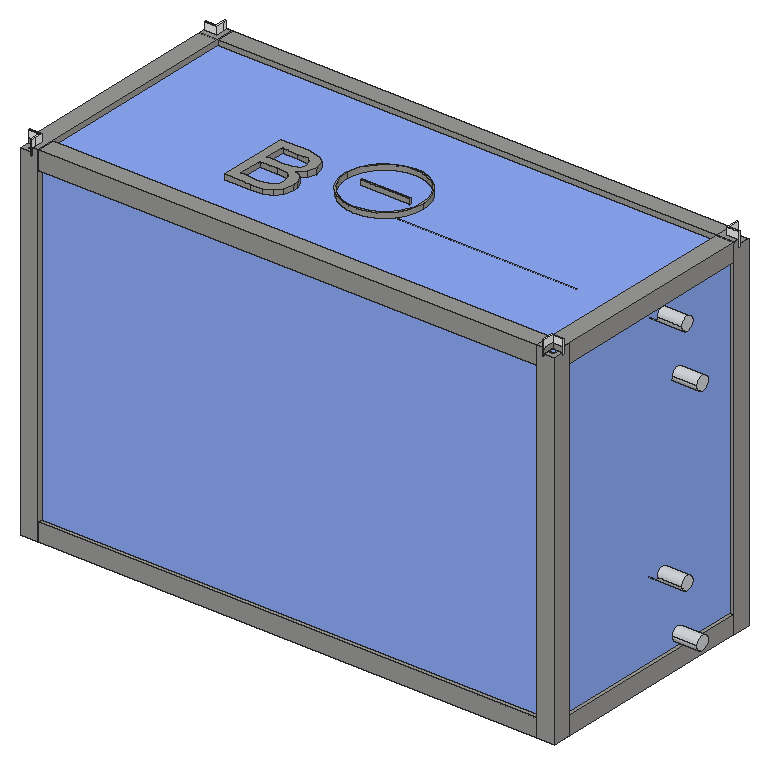
Revit family "8. Воздухоохладители UTR", category Оборудование, Revit 2016
Family settings
  Тип детали = Нормальный
  Размер круглого соединителя = Использовать диаметр
  На основе рабочей плоскости = Нет
  Всегда вертикально = Да
  При загрузке вырезать с полостями = Нет
  Общий = Нет
  Точка расчета площади = Нет
Parameters (values of type "90-50")
  ширина = 900 mm
  размер В = 1050 mm
  значок [instance] = yes
  высота = 500 mm
  Холодопроизводительность, кВт = 24 kW
  Синий = Синий
  Заправочный объем, л = 4.80 m³
  Диаметр патрубков = 28 mm
  Д1 = Д - 20 mm  # 490 mm
  Д = 510 mm
  ножки(да/нет) [instance] = no
  Г = 645 mm
  Б1 = Б - 20 mm  # 720 mm
  А1 = А - 20 mm  # 1105 mm
  А = 1125 mm
  высота ножек = 50 mm
  Б = 740 mm
  Частотный преобразователь [instance] = no
  Частота вращения n, об/мин = ""
  Тип, марка, обозначение = "UTR 90-50"
  Сила тока J, А = ""
  Регулятор расхода [instance] = no
  Раздел = "ОВ"
  Примечание = ""
  Позиция = ""
  Напряжение U,В = ""
  Наименование и тех.хар-ка = "Секция водяного воздухоохладителя"  # constant formula
  Мощность двигателя N,Вт = ""
  Материал = RAL 0000 Серый металл
  Масса единицы = "64"
  Код, оборудования = ""
  Ключевая пометка = "Вентиляция"
  Задание электрикам [instance] = no
  Задание автоматчикам [instance] = no
  Завод изготовитель = "KORF"  # constant formula
  Единица измерения = "шт."  # constant formula
  h = высота ножек + 10 mm  # 60 mm
Types (8, lengths in mm): name | ширина | размер В | высота | Холодопроизводительность, кВт | Заправочный объем, л | Диаметр патрубков | Г | Б1 | А1 | А | Б | Тип, марка, обозначение | Материал | Масса единицы
  50-25 | 500 | 635 | 250 | 6.8 kW | 1.40 m³ | 12 | 395 | 450 | 690 | 710 | 470 | "UTR 50-25" | Сталь серая | "35,5"
  50-30 | 500 | 635 | 300 | 8 kW | 1.80 m³ | 16 | 445 | 500 | 690 | 710 | 520 | "UTR 50-30" | Сталь серая | "37"
  60-30 | 600 | 735 | 300 | 9.7 kW | 2.00 m³ | 16 | 445 | 500 | 790 | 810 | 520 | "UTR 60-30" | Сталь серая | "41,5"
  60-35 | 600 | 735 | 350 | 11.4 kW | 2.30 m³ | 16 | 495 | 550 | 790 | 810 | 570 | "UTR 60-35" | Сталь серая | "43,5"
  70-40 | 700 | 835 | 400 | 15.2 kW | 3.00 m³ | 22 | 545 | 600 | 890 | 910 | 620 | "UTR 70-40" | Сталь серая | "49"
  80-50 | 800 | 935 | 500 | 21.5 kW | 4.40 m³ | 22 | 645 | 700 | 990 | 1010 | 720 | "UTR 80-50" | Сталь серая | "58"
  90-50 | 900 | 1050 | 500 | 24 kW | 4.80 m³ | 28 | 645 | 720 | 1105 | 1125 | 740 | "UTR 90-50" | RAL 0000 Серый металл | "64"
  100-50 | 1000 | 1150 | 500 | 26.6 kW | 5.30 m³ | 28 | 665 | 720 | 1205 | 1225 | 740 | "UTR 100-50" | Сталь серая | "69"
Reference planes
  plane 1 "По центру (Вперед/Назад)": y = 0
  plane 2: z = 0
  plane 3 "По центру (Влево/Вправо)": x = 0
  plane 4: x = -552.5
  plane 5: x = 552.5
  plane 6: y = 245
  plane 7: y = -245
  plane 8: z = 780
  plane 9: z = 60
  plane 10: z = 805
  plane 11: z = 272.5
  plane 12: z = 600
  plane 13: z = 240
  plane 14: z = 110
  plane 15: z = 730
  plane 16: y = 80
  plane 17: y = 40
  plane 18: x = 606
Forms (mm)
  Extrusion 1, solid, material "Синий" <- "Синий", detail levels fine
    sketch origin (0, 0, 50) x (1, 0, 0) y (0, 1, 0)
      loop
        line (-552.5, 245) -> (-552.5, -245) -> (552.5, -245) -> (552.5, 245) -> (-552.5, 245)
    from 10 to 730
  Sweep 2, solid, material "RAL 0000 Серый металл" <- "Материал", detail levels fine
    path origin (552.5, -245, 50) x (-1, 0, 0) y (0, 0, -1)
      loop
        line (0, -730) -> (1105, -730) -> (1105, -10) -> (0, -10) -> (0, -730)
    profile "Профиль уголок 10х10 : Профиль уголок 10х10" origin (0, -245, 780) x (0, 0, -1) y (0, -1, 0)
      loop
        line (0, -27.5) -> (0, 0) -> (27.5, 0) -> (27.5, 10) -> (-10, 10) -> (-10, -27.5) -> (0, -27.5)
  Sweep 3, solid, material "RAL 0000 Серый металл" <- "Материал", detail levels fine
    path origin (-552.5, 245, 50) x (1, 0, 0) y (0, 0, -1)
      loop
        line (0, -730) -> (1105, -730) -> (1105, -10) -> (0, -10) -> (0, -730)
    profile "Профиль уголок 10х10 : Профиль уголок 10х10" origin (0, 245, 780) x (0, 0, -1) y (0, 1, 0)
      loop
        line (0, -27.5) -> (0, 0) -> (27.5, 0) -> (27.5, 10) -> (-10, 10) -> (-10, -27.5) -> (0, -27.5)
  Sweep 4, solid, material "RAL 0000 Серый металл" <- "Материал", detail levels fine
    path origin (552.5, 245, 50) x (0, -1, 0) y (0, 0, -1)
      loop
        line (0, -730) -> (490, -730) -> (490, -10) -> (0, -10) -> (0, -730)
    profile "Профиль уголок 10х10 : Профиль уголок 10х10" origin (552.5, 0, 780) x (0, 0, -1) y (1, 0, 0)
      loop
        line (0, -27.5) -> (0, 0) -> (27.5, 0) -> (27.5, 10) -> (-10, 10) -> (-10, -27.5) -> (0, -27.5)
  Sweep 5, solid, material "RAL 0000 Серый металл" <- "Материал", detail levels fine
    path origin (-552.5, -245, 50) x (0, 1, 0) y (0, 0, -1)
      loop
        line (0, -730) -> (490, -730) -> (490, -10) -> (0, -10) -> (0, -730)
    profile "Профиль уголок 10х10 : Профиль уголок 10х10" origin (-552.5, 0, 780) x (0, 0, -1) y (-1, 0, 0)
      loop
        line (0, -27.5) -> (0, 0) -> (27.5, 0) -> (27.5, 10) -> (-10, 10) -> (-10, -27.5) -> (0, -27.5)
  Extrusion 6, void, detail levels fine
    sketch origin (-552.5, -244.965, 330) x (0, -1, 0) y (0, 0, -1)
      loop
        line (-477.965, -475) -> (-477.965, -450) -> (-528.913, -450) -> (-528.913, -475) -> (-477.965, -475)
    from -47.452 to 12
  Extrusion 7, void, not visible, detail levels fine
    sketch origin (-345, -245, 50) x (0, -1, 0) y (0, 0, -1)
      loop
        line (-477.965, -475) -> (-477.965, -450) -> (-528.913, -450) -> (-528.913, -475) -> (-477.965, -475)
    from -47.452 to 12
  Extrusion 8, void, detail levels fine
    sketch origin (552.5, 244.965, 330) x (0, 1, 0) y (0, 0, -1)
      loop
        line (-11.965, -475) -> (38.984, -475) -> (38.984, -450) -> (-11.965, -450) -> (-11.965, -475)
    from -47.452 to 12
  Extrusion 9, void, detail levels fine
    sketch origin (-552.5, -244.965, 330) x (0, -1, 0) y (0, 0, -1)
      loop
        line (-11.965, -475) -> (38.984, -475) -> (38.984, -450) -> (-11.965, -450) -> (-11.965, -475)
    from -47.452 to 12
  Extrusion 10, void, detail levels fine
    sketch origin (552.5, 244.965, 330) x (0, 1, 0) y (0, 0, -1)
      loop
        line (-477.965, -475) -> (-477.965, -450) -> (-528.913, -450) -> (-528.913, -475) -> (-477.965, -475)
    from -47.452 to 12
  Extrusion 11, solid, detail levels fine
    sketch origin (0, 0, 0) x (0, 1, 0) y (0, 0, 1)
      loop
        circle (80, 600) r 14
      loop
        circle (40, 240) r 14
      loop
        circle (80, 110) r 14
      loop
        circle (40, 730) r 14
    from 0 to 606
  Extrusion 12, solid, material "RAL 0000 Серый металл" <- "Материал", visible <- "значок", detail levels fine
    sketch origin (0, 0, 0) x (1, 0, 0) y (0, 1, 0)
      loop
        circle (0, 0) r 82.308
      loop
        circle (0, 0) r 80
      loop
        line (-48.31, 2.209) -> (-48.31, -1.761) -> (55.07, -1.761) -> (55.07, 2.209) -> (-48.31, 2.209)
      loop
        line (-161.04, -0.279) -> (-184.766, 1.65) -> (-215.92, 1.65) -> (-215.92, -39.889) -> (-182.206, -39.889) -> (-162.519, -38.302) -> (-150.674, -31.469) -> (-146.689, -19.444) -> (-150.403, -7.401) -> (-161.04, -0.279)
      loop
        line (-134.123, 2.407) -> (-141.145, 10.254) -> (-150.421, 15.766) -> (-178.023, 20.111) -> (-234.382, 20.111) -> (-234.382, -127.581) -> (-178.456, -127.581) -> (-154.784, -125.039) -> (-138.721, -117.539) -> (-127.957, -103.404) -> (-123.612, -83.555) -> (-125.203, -71.196) -> (-129.977, -60.586) -> (-137.706, -52.274) -> (-148.168, -46.812) -> (-133.186, -33.741) -> (-128.228, -16.487) -> (-134.123, 2.407)
      loop
        line (-157.056, -60.82) -> (-179.862, -58.35) -> (-215.92, -58.35) -> (-215.92, -109.119) -> (-178.059, -109.119) -> (-164.358, -108.398) -> (-152.765, -104.378) -> (-145.085, -96.175) -> (-142.074, -83.735) -> (-145.608, -69.384) -> (-157.056, -60.82)
    from 510 to 790
Cuts and joins
  Extrusion 6, Extrusion 8, Extrusion 9, Extrusion 10 cuts Extrusion 1
  Extrusion 6, Extrusion 8, Extrusion 9, Extrusion 10 cuts Sweep 3
  Extrusion 6, Extrusion 8, Extrusion 9 cuts Sweep 5
  Extrusion 8, Extrusion 10 cuts Sweep 4
  Extrusion 9, Extrusion 10 cuts Sweep 2
Dimensions and locks
  equal spacing: plane 6, plane 1 "По центру (Вперед/Назад)", plane 7
  "Д1": plane 6 to plane 7
  equal spacing: plane 4, plane 3 "По центру (Влево/Вправо)", plane 5
  "А1": plane 4 to plane 5
  "h": plane 9 to level
  "Б1": plane 8 to plane 9
  locked: plane 10 to plane 8 at 25
  locked: plane 8 to plane 15 at 50
  locked: plane 8 to plane 12 at 180
  locked: plane 14 to plane 9 at 50
  locked: plane 13 to plane 9 at 180
  locked: plane 17 to plane 1 "По центру (Вперед/Назад)" at 40
  locked: plane 16 to plane 1 "По центру (Вперед/Назад)" at 80
  locked: plane 18 to plane 5 at 53.5
  cut or joined group of Sweep 2, Extrusion 9, Extrusion 10 to level = 50 mm
  "Диаметр патрубков": diameter of Extrusion 11 sketch curve  (x4)
  aligned and locked: level to plane 2
  aligned and locked: plane 6 to Extrusion 1
  aligned and locked: plane 5 to Extrusion 1
  aligned and locked: Extrusion 1 to plane 7
  aligned and locked: Extrusion 1 to plane 4
  aligned and locked: plane 8 to Extrusion 1
  aligned and locked: Extrusion 1 to plane 9
  aligned and locked: Sweep 4 sketch curve to Extrusion 1  (x2)
  aligned and locked: Sweep 5 sketch curve to Extrusion 1  (x2)
  aligned and locked: nested 1 to Sweep 5  (x2)
  aligned and locked: nested 2 to Sweep 4
  aligned and locked: Sweep 4 to nested 2
  aligned and locked: nested 4 to Sweep 4  (x2)
  aligned and locked: Sweep 5 to nested 3
  aligned and locked: nested 3 to Sweep 5
  aligned and locked: Extrusion 6 to nested 5  (x2)
  aligned and locked: Extrusion 8 to nested 7
  aligned and locked: nested 7 to Extrusion 8
  aligned and locked: Extrusion 9 to nested 8
  aligned and locked: nested 8 to Extrusion 9
  aligned and locked: Extrusion 10 to nested 9
  aligned and locked: nested 9 to Extrusion 10
  aligned and locked: nested 8 to cut or joined group of Sweep 2, Extrusion 9, Extrusion 10  (x2)
  aligned and locked: nested 5 to cut or joined group of Sweep 3, Extrusion 6, Extrusion 8, Extrusion 9, Extrusion 10
  aligned and locked: nested 5 to cut or joined group of Sweep 5, Extrusion 6, Extrusion 8, Extrusion 9
  aligned and locked: nested 7 to cut or joined group of Sweep 4, Extrusion 8, Extrusion 10
  aligned and locked: nested 7 to cut or joined group of Sweep 3, Extrusion 6, Extrusion 8, Extrusion 9, Extrusion 10
  aligned and locked: nested 9 to cut or joined group of Sweep 2, Extrusion 9, Extrusion 10
  aligned and locked: cut or joined group of Sweep 2, Extrusion 9, Extrusion 10 to nested 9
  aligned and locked: nested 8 to plane 10
  aligned and locked: nested 9 to plane 10
  aligned and locked: plane 10 to nested 5
  aligned and locked: plane 10 to nested 7
  aligned and locked: plane 18 to Extrusion 11
  aligned and locked: plane 7 to nested 10
  aligned and locked: nested 10 to plane 5
  aligned and locked: plane 7 to nested 11
  aligned and locked: plane 9 to nested 11
  aligned and locked: cut or joined group of Sweep 3, Extrusion 6, Extrusion 8, Extrusion 9, Extrusion 10 to Extrusion 12
Automatic sketch dimensions
  Extrusion 6 sketch curve to Extrusion 6 sketch curve = 50.949 mm
  Extrusion 6 sketch curve to Extrusion 6 sketch curve = 25 mm
  Extrusion 7 sketch curve to Extrusion 7 sketch curve = 50.949 mm
  Extrusion 7 sketch curve to Extrusion 7 sketch curve = 25 mm
  Extrusion 8 sketch curve to Extrusion 8 sketch curve = 50.949 mm
  Extrusion 8 sketch curve to Extrusion 8 sketch curve = 25 mm
  Extrusion 9 sketch curve to Extrusion 9 sketch curve = 50.949 mm
  Extrusion 9 sketch curve to Extrusion 9 sketch curve = 25 mm
  Extrusion 10 sketch curve to Extrusion 10 sketch curve = 50.949 mm
  Extrusion 10 sketch curve to Extrusion 10 sketch curve = 25 mm
  Extrusion 1 sketch curve to plane 4 = 0 mm
  Extrusion 1 sketch curve to plane 5 = 0 mm
  Extrusion 1 sketch curve to plane 7 = 0 mm
  Extrusion 1 sketch curve to plane 6 = 0 mm
  Sweep 2 sketch curve to Extrusion 1 = 0 mm  (x4)
  Sweep 3 sketch curve to Extrusion 1 = 0 mm  (x3)
  Extrusion 1 to Sweep 3 sketch curve = 0 mm
  Sweep 4 sketch curve to Extrusion 1 = 0 mm  (x2)
  Sweep 5 sketch curve to Extrusion 1 = 0 mm  (x2)
  Extrusion 12 sketch curve to Extrusion 12 sketch curve = 0 mm  (x3)
  plane 1 "По центру (Вперед/Назад)" to Extrusion 12 sketch curve = 0 mm
  Extrusion 12 sketch curve to plane 3 "По центру (Влево/Вправо)" = 0 mm
  Extrusion 12 sketch curve to plane 1 "По центру (Вперед/Назад)" = 2.209 mm
  Extrusion 12 sketch curve to plane 3 "По центру (Влево/Вправо)" = 48.31 mm
  plane 3 "По центру (Влево/Вправо)" to Extrusion 12 sketch curve = 55.07 mm
  plane 1 "По центру (Вперед/Назад)" to Extrusion 12 sketch curve = 1.761 mm
  plane 1 "По центру (Вперед/Назад)" to Extrusion 12 sketch curve = 19.444 mm
  Extrusion 12 sketch curve to Extrusion 12 sketch curve = 98.379 mm
  plane 1 "По центру (Вперед/Назад)" to Extrusion 12 sketch curve = 7.401 mm
  Extrusion 12 sketch curve to Extrusion 12 sketch curve = 3.714 mm
  plane 1 "По центру (Вперед/Назад)" to Extrusion 12 sketch curve = 31.469 mm
  Extrusion 12 sketch curve to Extrusion 12 sketch curve = 3.984 mm
  plane 1 "По центру (Вперед/Назад)" to Extrusion 12 sketch curve = 0.279 mm
  Extrusion 12 sketch curve to Extrusion 12 sketch curve = 10.637 mm
  plane 1 "По центру (Вперед/Назад)" to Extrusion 12 sketch curve = 38.302 mm
  Extrusion 12 sketch curve to Extrusion 12 sketch curve = 11.845 mm
  Extrusion 12 sketch curve to Extrusion 12 sketch curve = 19.688 mm
  Extrusion 12 sketch curve to plane 1 "По центру (Вперед/Назад)" = 1.65 mm
  Extrusion 12 sketch curve to Extrusion 12 sketch curve = 23.726 mm
  Extrusion 12 sketch curve to Extrusion 12 sketch curve = 31.154 mm
  Extrusion 12 sketch curve to Extrusion 12 sketch curve = 1.587 mm
  Extrusion 12 sketch curve to Extrusion 12 sketch curve = 18.462 mm  (x2)
  Extrusion 12 sketch curve to Extrusion 12 sketch curve = 55.925 mm
  plane 17 to Extrusion 12 sketch curve = 19.889 mm
  Extrusion 12 sketch curve to Extrusion 12 sketch curve = 6.743 mm
  Extrusion 12 sketch curve to Extrusion 12 sketch curve = 23.672 mm
  Extrusion 12 sketch curve to plane 1 "По центру (Вперед/Назад)" = 15.766 mm
  Extrusion 12 sketch curve to Extrusion 12 sketch curve = 10.619 mm
  plane 1 "По центру (Вперед/Назад)" to Extrusion 12 sketch curve = 46.812 mm
  Extrusion 12 sketch curve to Extrusion 12 sketch curve = 2.506 mm
  Extrusion 12 sketch curve to plane 1 "По центру (Вперед/Назад)" = 10.254 mm
  Extrusion 12 sketch curve to Extrusion 12 sketch curve = 9.276 mm
  Extrusion 12 sketch curve to Extrusion 12 sketch curve = 16.064 mm
  plane 1 "По центру (Вперед/Назад)" to Extrusion 12 sketch curve = 52.274 mm
  Extrusion 12 sketch curve to Extrusion 12 sketch curve = 10.461 mm
  Extrusion 12 sketch curve to plane 1 "По центру (Вперед/Назад)" = 2.407 mm
  Extrusion 12 sketch curve to Extrusion 12 sketch curve = 7.022 mm
  plane 1 "По центру (Вперед/Назад)" to Extrusion 12 sketch curve = 33.741 mm
  Extrusion 12 sketch curve to Extrusion 12 sketch curve = 17.488 mm
  plane 1 "По центру (Вперед/Назад)" to Extrusion 12 sketch curve = 60.586 mm
  Extrusion 12 sketch curve to Extrusion 12 sketch curve = 7.73 mm
  plane 1 "По центру (Вперед/Назад)" to Extrusion 12 sketch curve = 16.487 mm
  Extrusion 12 sketch curve to Extrusion 12 sketch curve = 4.958 mm
  Extrusion 12 sketch curve to Extrusion 12 sketch curve = 10.763 mm
  Extrusion 12 sketch curve to Extrusion 12 sketch curve = 4.773 mm
  Extrusion 12 sketch curve to Extrusion 12 sketch curve = 1.591 mm
  Extrusion 12 sketch curve to Extrusion 12 sketch curve = 10.61 mm
  Extrusion 12 sketch curve to Extrusion 12 sketch curve = 12.359 mm
  Extrusion 12 sketch curve to Extrusion 12 sketch curve = 19.85 mm
  Extrusion 12 sketch curve to Extrusion 12 sketch curve = 14.135 mm
  Extrusion 12 sketch curve to Extrusion 12 sketch curve = 7.5 mm
  Extrusion 12 sketch curve to Extrusion 12 sketch curve = 2.542 mm
  plane 1 "По центру (Вперед/Назад)" to Extrusion 12 sketch curve = 58.35 mm
  Extrusion 12 sketch curve to Extrusion 12 sketch curve = 2.344 mm
  Extrusion 12 sketch curve to Extrusion 12 sketch curve = 0.397 mm
  Extrusion 12 sketch curve to Extrusion 12 sketch curve = 13.702 mm
  plane 1 "По центру (Вперед/Назад)" to Extrusion 12 sketch curve = 60.82 mm
  Extrusion 12 sketch curve to Extrusion 12 sketch curve = 8.888 mm
  Extrusion 12 sketch curve to Extrusion 12 sketch curve = 11.593 mm
  plane 1 "По центру (Вперед/Назад)" to Extrusion 12 sketch curve = 69.384 mm
  Extrusion 12 sketch curve to Extrusion 12 sketch curve = 11.448 mm
  Extrusion 12 sketch curve to Extrusion 12 sketch curve = 7.68 mm
  Extrusion 12 sketch curve to Extrusion 12 sketch curve = 3.011 mm
  Extrusion 12 sketch curve to Extrusion 12 sketch curve = 0.721 mm
  Extrusion 12 sketch curve to Extrusion 12 sketch curve = 4.02 mm
  Extrusion 12 sketch curve to Extrusion 12 sketch curve = 8.203 mm
  Extrusion 12 sketch curve to Extrusion 12 sketch curve = 12.44 mm
  plane 13 to Extrusion 11 sketch curve = 0 mm
  Extrusion 11 sketch curve to plane 17 = 0 mm  (x2)
  plane 15 to Extrusion 11 sketch curve = 0 mm
  plane 14 to Extrusion 11 sketch curve = 0 mm
  Extrusion 11 sketch curve to plane 16 = 0 mm  (x2)
  plane 12 to Extrusion 11 sketch curve = 0 mm
  radius of Extrusion 12 sketch curve = 82.308 mm
  radius of Extrusion 12 sketch curve = 80 mm
Nested families
  nested 1: "Ножка 50мм" at (-565.5, 258, 0), visible <- "ножки(да/нет)", type "Ножка 50мм", detail levels fine
  nested 2: "Ножка 50мм" at (565.5, 258, 0) x (-1, 0, 0) z (0, 0, 1), visible <- "ножки(да/нет)", type "Ножка 50мм", detail levels fine
  nested 3: "Ножка 50мм" at (-565.5, -258, 0), visible <- "ножки(да/нет)", type "Ножка 50мм", detail levels fine
  nested 4: "Ножка 50мм" at (565.5, -258, 0) x (-1, 0, 0) z (0, 0, 1), visible <- "ножки(да/нет)", type "Ножка 50мм", detail levels fine
  nested 5: "крепление 15мм" at (-537.5, 230, 775), type "крепление 15мм", detail levels fine
  nested 6: "крепление 15мм" at (-330, 229.965, 495), type "крепление 15мм", not visible, detail levels fine
  nested 7: "крепление 15мм" at (537.5, 230, 775) x (-1, 0, 0) z (0, 0, 1), type "крепление 15мм", detail levels fine
  nested 8: "крепление 15мм" at (-537.5, -230, 775), type "крепление 15мм", detail levels fine
  nested 9: "крепление 15мм" at (537.5, -230, 775) x (-1, 0, 0) z (0, 0, 1), type "крепление 15мм", detail levels fine
  nested 10: "УГО вод.охладитель(план)" at (0, 0, 780), длина <- "Д1", Ширина <- "А1", type "УГО вентилятор", detail levels coarse
    with длина 490 mm, Ширина 1105 mm
  nested 11: "УГО охладитель (разрез)" at (0, 0, 60) x (0, 1, 0) z (0, 0, 1), длина <- "Д1", высота <- "Б1", type "УГО охладитель (разрез)", detail levels medium
    with длина 490 mm, высота 720 mm, Ширина 410 mm
Connectors
  hvac at (0, -255, 420), driven by "высота", driven by "ширина"
    settings: on cut or joined group of Sweep 2, Extrusion 9, Extrusion 10, index 1, duct flow 0.0 L/s, flow factor 0, pres drop 0.0 Pa, loss coef 0, conn angle 0.00°, conn width 900 mm, conn height 500 mm, conn diameter 609.6 mm, duct sys type 28, conn prof type 1, flow config 0, flow direction 0, loss method 0, conn ref index 2, conn util no, is conn primary yes, conn desc ""
  hvac at (0, 255, 420), driven by "высота", driven by "ширина"
    settings: on cut or joined group of Sweep 3, Extrusion 6, Extrusion 8, Extrusion 9, Extrusion 10, index 2, duct flow 0.0 L/s, flow factor 0, pres drop 0.0 Pa, loss coef 0, conn angle 0.00°, conn width 900 mm, conn height 500 mm, conn diameter 609.6 mm, duct sys type 28, conn prof type 1, flow config 0, flow direction 0, loss method 0, conn ref index 1, conn util no, is conn primary no, conn desc ""
  piping at (606, 40, 730), diameter 28, driven by "Диаметр патрубков"
    settings: on Extrusion 11, index 3, connector inside diameter 609.6 mm, connector length 0 mm, flow factor 0, pipe flow 0.0 L/s, pressure drop 0.0 Pa, fitting loss kfactor 0, connector angle 0.00°, fixture units 0, engagement length 0 mm, angle of deflection 0.00°, flow configuration 0, flow direction 0, fitting loss method 0, system type 28, joint type 0, gender type 0, connector reference index -1, connector utility 0, adjustable connector no, is connector primary yes, connector description ""
  piping at (606, 80, 600), diameter 28, driven by "Диаметр патрубков"
    settings: on Extrusion 11, index 4, connector inside diameter 609.6 mm, connector length 0 mm, flow factor 0, pipe flow 0.0 L/s, pressure drop 0.0 Pa, fitting loss kfactor 0, connector angle 0.00°, fixture units 0, engagement length 0 mm, angle of deflection 0.00°, flow configuration 0, flow direction 0, fitting loss method 0, system type 28, joint type 0, gender type 0, connector reference index -1, connector utility 0, adjustable connector no, is connector primary no, connector description ""
  piping at (606, 40, 240), diameter 28, driven by "Диаметр патрубков"
    settings: on Extrusion 11, index 5, connector inside diameter 609.6 mm, connector length 0 mm, flow factor 0, pipe flow 0.0 L/s, pressure drop 0.0 Pa, fitting loss kfactor 0, connector angle 0.00°, fixture units 0, engagement length 0 mm, angle of deflection 0.00°, flow configuration 0, flow direction 0, fitting loss method 0, system type 28, joint type 0, gender type 0, connector reference index -1, connector utility 0, adjustable connector no, is connector primary no, connector description ""
  piping at (606, 80, 110), diameter 28, driven by "Диаметр патрубков"
    settings: on Extrusion 11, index 6, connector inside diameter 609.6 mm, connector length 0 mm, flow factor 0, pipe flow 0.0 L/s, pressure drop 0.0 Pa, fitting loss kfactor 0, connector angle 0.00°, fixture units 0, engagement length 0 mm, angle of deflection 0.00°, flow configuration 0, flow direction 0, fitting loss method 0, system type 28, joint type 0, gender type 0, connector reference index -1, connector utility 0, adjustable connector no, is connector primary no, connector description ""
Definition of nested family "Ножка 50мм"
  Parameters (values of type "Ножка 50мм")
    Материал ножек = none
  Reference planes
    plane 1 "По центру (Вперед/Назад)": y = 0
    plane 2: z = 0
    plane 3 "По центру (Влево/Вправо)": x = 0
  Forms (mm)
    Extrusion 1, solid, material <- "Материал ножек"
      sketch origin (0, 0, 0) x (1, 0, 0) y (0, 1, 0)
        loop
          line (0, 0) -> (0, -28) -> (3, -28) -> (3, -3) -> (28, -3) -> (28, 0) -> (0, 0)
      from 0 to 70
    Extrusion 2, solid, material <- "Материал ножек"
      sketch origin (0, 0, 0) x (1, 0, 0) y (0, 1, 0)
        loop
          line (0, 0) -> (0, -28.035) -> (28.021, -28.035) -> (28.021, 0) -> (0, 0)
      from 0 to 3
  Cuts and joins
    joined: Extrusion 1, Extrusion 2
  Dimensions and locks
    Extrusion 1 sketch curve to Extrusion 1 sketch curve = 3 mm  (x2)
    Extrusion 1 sketch curve to Extrusion 1 sketch curve = 28 mm  (x2)
    aligned and locked: level to plane 2
Definition of nested family "крепление 15мм"
  Parameters (values of type "крепление 15мм")
    Материал крепления = none
  Reference planes
    plane 1 "По центру (Вперед/Назад)": y = 0
    plane 2: z = 0
    plane 3 "По центру (Влево/Вправо)": x = 0
  Forms (mm)
    Extrusion 1, solid, material <- "Материал крепления"
      sketch origin (0, 0, 0) x (1, 0, 0) y (0, 1, 0)
        loop
          line (-25, 0) -> (0, 0) -> (0, 18.31) -> (0, 25) -> (-3, 25) -> (-3, 3) -> (-25, 3) -> (-25, 0)
      from 0 to 30
    Extrusion 2, void
      sketch origin (0, 0, 0) x (1, 0, 0) y (0, 1, 0)
        loop
          line (-3, 3) -> (-3, 54.96) -> (-58, 54.96) -> (-58, 3) -> (-3, 3)
      from 0 to 15
  Cuts and joins
    Extrusion 2 cuts Extrusion 1
  Dimensions and locks
    Extrusion 1 sketch curve to Extrusion 1 sketch curve = 3 mm  (x2)
    Extrusion 1 sketch curve to Extrusion 1 sketch curve to plane 3 "По центру (Влево/Вправо)" = 25 mm, 0 mm
    Extrusion 1 sketch curve to Extrusion 1 sketch curve = 25 mm
    aligned and locked: level to plane 2
Definition of nested family "УГО вод.охладитель(план)"
  Parameters (values of type "УГО вентилятор")
    длина [instance] = 300 mm
    Ширина [instance] = 800 mm
    Частота вращения n, об/мин = ""
    Тип, марка, обозначение = ""
    Сила тока J, А = ""
    Раздел = "ВПИСАТЬ РАЗДЕЛ"
    Примечание = ""
    Позиция = ""
    Default Elevation = 1219.2 mm
    Напряжение U,В = ""
    Наименование и тех.хар-ка = ""
    Мощность двигателя N,Вт = ""
    Материал = none
    Масса единицы = ""
    Код, оборудования = ""
    Keynote = "ВПИСАТЬ СПЕЦИАЛЬНОСТЬ"
    Завод изготовитель = ""
    Единица измерения = ""
    Диаметр = 110 mm
  Reference planes
    plane 1 "По центру (Вперед/Назад)": y = 0
    plane 2: z = 0
    plane 3 "По центру (Влево/Вправо)": x = 0
    plane 4: y = 150
    plane 5: y = -150
    plane 6: x = -400
    plane 7: x = 400
  Lines and regions (mm)
    model lines
      curve 1: line (-80, 0, 0) -> (80, 0, 0)
      curve 2: line (-400, 150, 0) -> (400, 150, 0)
      curve 3: line (-400, -150, 0) -> (-400, 150, 0)
      curve 4: line (400, -150, 0) -> (-400, -150, 0)
      curve 5: line (400, 150, 0) -> (400, -150, 0)
      curve 6: circle (0, 0, 0) r 80 normal (0, 0, 1)
  Dimensions and locks
    "Ширина": plane 6 to plane 7
    "длина": plane 4 to plane 5
    equal spacing: plane 5, plane 1 "По центру (Вперед/Назад)", plane 4
    equal spacing: plane 6, plane 3 "По центру (Влево/Вправо)", plane 7
    aligned and locked: level to plane 2
  Automatic sketch dimensions
    plane 5 to curve 4 = 0 mm
    curve 4 to plane 6 = 0 mm
    plane 1 "По центру (Вперед/Назад)" to curve 1 = 0 mm
    plane 1 "По центру (Вперед/Назад)" to curve 6 = 0 mm
    curve 6 to plane 3 "По центру (Влево/Вправо)" = 0 mm
    curve 5 to plane 4 = 0 mm
    curve 5 to plane 7 = 0 mm
    curve 1 to plane 3 "По центру (Влево/Вправо)" = 80 mm
Definition of nested family "УГО охладитель (разрез)"
  Parameters (values of type "УГО охладитель (разрез)")
    длина [instance] = 200 mm
    высота [instance] = 410 mm
    Ширина [instance] = 410 mm
    Частота вращения n, об/мин = ""
    Тип, марка, обозначение = ""
    Сила тока J, А = ""
    Раздел = ""
    Примечание = ""
    Позиция = ""
    Default Elevation = 1219.2 mm
    Напряжение U,В = ""
    Наименование и тех.хар-ка = ""
    Мощность двигателя N,Вт = ""
    Материал = none
    Масса единицы = ""
    Код, оборудования = ""
    Keynote = ""
    Завод изготовитель = ""
    Единица измерения = ""
    Диаметр = 110 mm
  Reference planes
    plane 1 "По центру (Вперед/Назад)": y = 0
    plane 2: z = 0
    plane 3 "По центру (Влево/Вправо)": x = 0
    plane 4: z = 410
    plane 5: x = 100
    plane 6: x = -100
    plane 7: z = 205
  Lines and regions (mm)
    model lines
      curve 1: line (-50, 0, 205) -> (50, 0, 205)
      curve 2: circle (0, 0, 205) r 50 normal (0, -1, 0)
      curve 3: line (-100, 0, 0) -> (100, 0, 0)
      curve 4: line (-100, 0, 410) -> (-100, 0, 0)
      curve 5: line (100, 0, 410) -> (-100, 0, 410)
      curve 6: line (100, 0, 0) -> (100, 0, 410)
  Dimensions and locks
    equal spacing: plane 5, plane 3 "По центру (Влево/Вправо)", plane 6
    "длина": plane 5 to plane 6
    "высота": plane 4 to level
    equal spacing: plane 4, plane 7, plane 2
    aligned and locked: level to plane 2
  Automatic sketch dimensions
    curve 3 to level = 0 mm
    curve 3 to plane 6 = 0 mm
    curve 1 to plane 7 = 0 mm
    curve 2 to plane 3 "По центру (Влево/Вправо)" = 0 mm
    curve 3 to plane 5 = 0 mm
    curve 2 to plane 7 = 0 mm
    curve 5 to plane 4 = 0 mm
    curve 1 to plane 3 "По центру (Влево/Вправо)" = 50 mm
